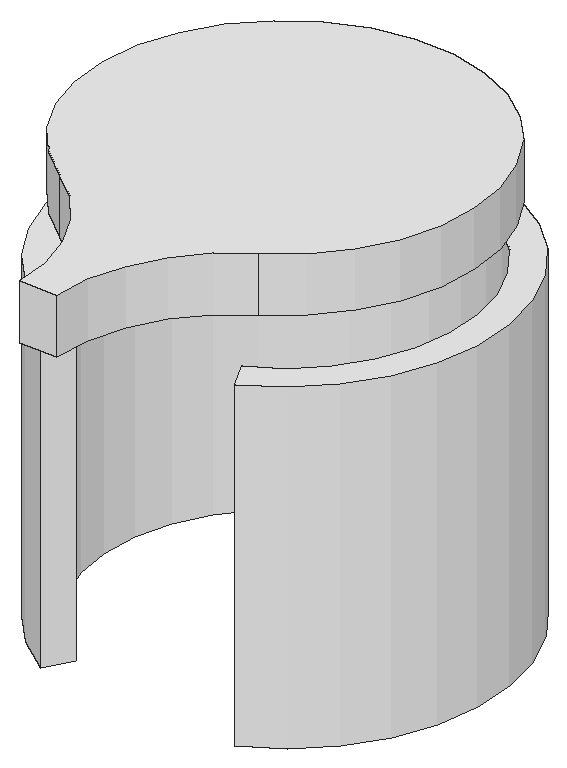
Revit family "Deca_Acabamento para termostato_Decaterm_4994", category Plumbing Fixtures, host Face, Revit 2019
Family settings
  Host = Face
  Round Connector Dimension = Use Diameter
  Part Type = Normal
  Cut with Voids When Loaded = No
  Shared = No
  Room Calculation Point = No
Parameters (values of type "4994.C_Cromado")
  Vazão na Pressão mín. (L/min) = "-"
  Vazão na Pressão máx. (L/min) = "-"
  URL = "www.deca.com.br"
  Tipo de rosca de saída = "-"
  Tipo de rosca de entrada = "-"
  Tipo de mecanismo utilizado = "-"
  Tipo de dispositivo economizador = "-"
  Segmento = "Banheiro Luxo"
  Saída de Esgoto = "-"
  Pressão mín. funcionamento = "-"
  Pressão mín. Aquec. Passagem = "-"
  Pressão mín. Aquec. Acúmulo = "-"
  Pressão máx. funcionamento = "-"
  Peso Líquido (Kg) = 0.661
  Norma = "Não Possui"
  Model = "4994.C"
  Material = Deca_Cromado
  Manufacturer = "Deca"
  Linha = "Banho Luxo"
  Itens de Instalação = "-"
  Informações Complementares = "-"
  Description = "Acabamento para termostato"
  Default Elevation = 1100.00 mm
  Código Pai = "4994"
  Criado por = "quattroD"
  Cores Componente = "-"
  Cor Secundária = "-"
  Cor Principal = "Cromado"
  Cor Interna = "-"
  Consumo = "-"
  Composição Componente = "-"
  Composição Básica = "Liga de Cobre (bronze e latão),Plásticos de Engenharia,Elastômeros"
  Composição Assento = "-"
  Composição Anel Vedação = "-"
  Categoria = "METAIS PARA BANHEIRO"
  Atendimento ao Cliente = "0800-0117073"
  Aprovado por = "quattroD"
  Acompanha o Produto = "-"
Reference planes
  plane 1 "Center (Front/Back)": y = 0
  plane 2: z = 0
  plane 3 "Center (Left/Right)": x = 0
Forms (mm)
  Extrusion 1, solid, material "Deca_Cromado" <- "Material"
    sketch origin (0, 0, 0) x (1, 0, 0) y (0, 1, 0)
      loop
        arc (10.039, -95.916) -> (0, -61.183) -> (-10.039, -95.916) r 18.817
        arc (-10.039, -95.916) -> (-3.931, -102.469) -> (-1.848, -111.182) r 17.567
        line (-1.848, -111.182) -> (1.848, -111.182)
        arc (1.848, -111.182) -> (3.931, -102.469) -> (10.039, -95.916) r 17.567
    from 66.868 to 72.403
  Extrusion 2, solid, material "Deca_Cromado" <- "Material"
    sketch origin (0, 0, 0) x (1, 0, 0) y (0, 1, 0)
      loop
        arc (9.594, -98.399) -> (0.354, -59.253) -> (-10.216, -98.061) r 20.75
        line (-10.216, -98.061) -> (-8.739, -95.45)
        arc (-8.739, -95.45) -> (0.303, -62.253) -> (8.207, -95.739) r 17.75
        line (8.207, -95.739) -> (9.594, -98.399)
    from 28.785 to 61.469
Lines and regions (mm)
  Masking region 1
    outline origin (0, 0, 0) x (1, 0, 0) y (0, 1, 0)
      loop
        line (65, -84.996) -> (65, -24.796)
        arc (65, -24.796) -> (0, 40.204) -> (-65, -24.796) r 65
        line (-65, -24.796) -> (-65, -84.996)
        arc (-65, -84.996) -> (0, -149.996) -> (65, -84.996) r 65
  Masking region 2
    outline origin (0, 0, 0) x (1, 0, 0) y (0, 0, 1)
      loop
        line (-65.195, 0) -> (65.195, 0) -> (65.195, 5.039)
        arc (65.195, 5.039) -> (54.696, 12.402) -> (42.137, 14.999) r 31.672
        line (42.137, 14.999) -> (28.108, 14.999) -> (28.108, 32.853) -> (24.495, 32.853) -> (24.495, 67.853) -> (20.137, 67.853) -> (18.817, 72.403) -> (-18.817, 72.403) -> (-20.137, 67.853) -> (-24.495, 67.853) -> (-24.495, 32.853) -> (-28.108, 32.853) -> (-28.108, 14.999) -> (-42.137, 14.999)
        arc (-42.137, 14.999) -> (-54.696, 12.402) -> (-65.195, 5.039) r 31.672
        line (-65.195, 5.039) -> (-65.195, 0)
  Masking region 3
    outline origin (0, 0, 0) x (0, 1, 0) y (0, 0, 1)
      loop
        line (40.36, 0) -> (40.36, 5.036)
        arc (40.36, 5.036) -> (29.632, 11.853) -> (17.18, 14.401) r 35.089
        line (17.18, 14.401) -> (17.18, 28.785) -> (24.379, 28.785) -> (24.379, 67.732) -> (16.484, 67.732) -> (16.484, 69.341) -> (-16.484, 69.341) -> (-16.484, 67.732) -> (-24.379, 67.732) -> (-24.379, 28.785) -> (-17.18, 28.785) -> (-17.18, 14.401) -> (-52.18, 14.401) -> (-52.18, 33.138) -> (-59.262, 33.138) -> (-59.262, 63.138) -> (-61.183, 72.403) -> (-111.182, 72.403) -> (-111.182, 48.854) -> (-107.667, 45.338) -> (-98.399, 45.338) -> (-98.399, 33.138) -> (-107.741, 33.138) -> (-107.741, 14.401) -> (-126.816, 14.401)
        arc (-126.816, 14.401) -> (-139.268, 11.853) -> (-149.995, 5.036) r 35.089
        line (-149.995, 5.036) -> (-149.995, 0) -> (40.36, 0)
  symbolic lines
    curve 1: circle (0, -80, 0) r 27.76 normal (0, 0, 1)
    curve 2: arc (9.573, -95.177, 0) -> (0, -62.056, 0) -> (-9.573, -95.177, 0) r 17.944
    curve 3: arc (-9.573, -95.177, 0) -> (-3.243, -102.196, 0) -> (-1.5, -111.486, 0) r 17.453
    curve 4: arc (9.592, -95.177, 0) -> (3.262, -102.196, 0) -> (1.519, -111.486, 0) r 17.453
    curve 5: circle (0, -80, 0) r 9.35 normal (0, 0, 1)
    curve 6: arc (-5.851, -54.41, 0) -> (-26.172, -82.028, 0) -> (-1.84, -106.185, 0) r 26.25
    curve 7: line (-5.851, -53, 0) -> (-5.851, -63.037, 0)
    curve 8: line (5.851, -53, 0) -> (5.851, -63.037, 0)
    curve 9: line (5.851, -53, 0) -> (-5.851, -53, 0)
    curve 10: line (-39.65, -84.848, 0) -> (-40.021, -24.847, 0)
    curve 11: arc (-40.021, -24.847, 0) -> (-35.184, -4.457, 0) -> (-21.506, 11.42, 0) r 44.241
    curve 12: line (39.65, -84.848, 0) -> (40.021, -24.847, 0)
    curve 13: arc (40.021, -24.847, 0) -> (35.184, -4.457, 0) -> (21.506, 11.42, 0) r 44.241
    curve 14: arc (-39.65, -84.848, 0) -> (0, -124.498, 0) -> (39.65, -84.848, 0) r 39.65
    curve 15: circle (0, 0, 0) r 24.35 normal (0, 0, 1)
    curve 16: circle (0, 0, 0) r 16.65 normal (0, 0, 1)
    curve 17: arc (5.851, -54.41, 0) -> (26.172, -82.018, 0) -> (1.859, -106.184, 0) r 26.25
    curve 18: line (-1.5, -111.486, 0) -> (1.519, -111.486, 0)
    curve 19: line (65.195, 0, 5.039) -> (-64.805, 0, 5.039)
    curve 20: line (64.295, 0, 6.696) -> (-63.95, 0, 6.696)
    curve 21: line (24.545, 0, 28.785) -> (-24.155, 0, 28.785)
    curve 22: line (-24.155, 0, 28.785) -> (-24.155, 0, 33.138)
    curve 23: line (24.545, 0, 28.785) -> (24.545, 0, 33.138)
    curve 24: line (17.351, 0, 28.785) -> (17.351, 0, 14.377)
    curve 25: line (8.207, 0, 28.785) -> (8.207, 0, 14.377)
    curve 26: line (-16.819, 0, 28.785) -> (-16.819, 0, 14.377)
    curve 27: line (-24.155, 0, 31.566) -> (-24.155, 0, 14.377)
    curve 28: line (28.108, 0, 14.999) -> (-28.108, 0, 14.999)
    curve 29: line (0, 24.379, 28.785) -> (0, -24.321, 28.785)
    curve 30: line (0, 17.238, 14.451) -> (0, -17.762, 14.451)
    curve 31: line (0, -59.28, 33.138) -> (0, -98.399, 33.138)
    curve 32: line (0, -59.221, 45.338) -> (0, -107.646, 45.338)
    curve 33: line (0, -98.399, 45.338) -> (0, -98.399, 61.469)
    curve 34: line (0, -98.399, 61.469) -> (0, -95.916, 72.403)
Dimensions and locks
  aligned and locked: plane 2 to host face
  aligned and locked: level to host face
